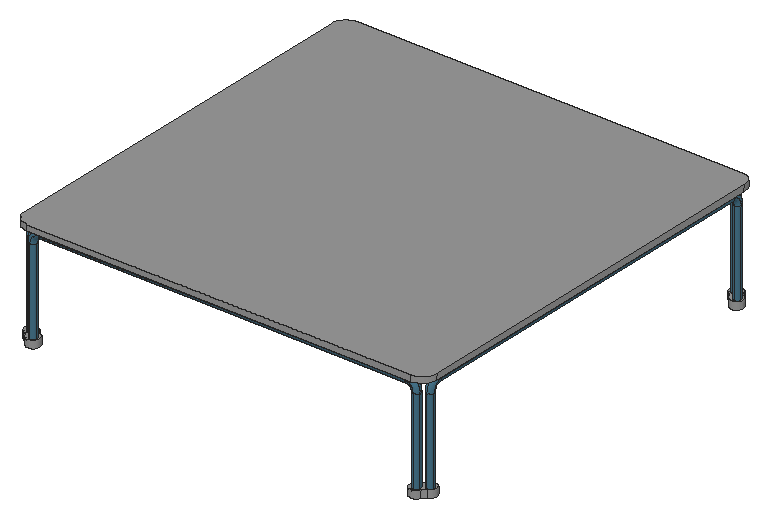
Revit family "FU_Modular_Sandler_Ari 1304-OD", category Furniture, Revit 2020
Family settings
  OmniClass Number = 23.40.20.00
  OmniClass Title = General Furniture and Specialties
  Work Plane-Based = No
  Always vertical = Yes
  Cut with Voids When Loaded = No
  Shared = No
  Room Calculation Point = No
Parameters (values of type "Ari 1304-OD")
  Width = 710 mm
  URL = "https://www.sandlerseating.com/product/ari-1304-OD/"
  Top [instance] = Laminate - Graphite
  Model = "Ari 1304-OD"
  Manufacturer = "Sandler"
  Height = 190 mm
  Frame [instance] = Metal - Paint - Outdoor - Capri Blue
  Description = "This low, square table is part of the Ari range of patio modular seating. It has a laminate top and steel frame, and can serve as a linked or freestanding coffee table for outdoor settings."
  Depth = 710 mm
  Default Elevation = 0 mm
Reference planes
  plane 1 "Center (Front/Back)": y = 0
  plane 2: z = 0
  plane 3 "Center (Left/Right)": x = 0
  plane 4 "Right": x = -355
  plane 5 "Left": x = 355
  plane 6 "Back": y = 355
  plane 7 "Front": y = -355
  plane 8 "Height": z = 190
  plane 9 "Frame height": z = 180
  plane 10 "Frame Right C TOP": x = -343
  plane 11 "Frame Front C TOP": y = -343
  plane 12 "Frame Left C TOP": x = 343
  plane 13 "Feet Right": z = 12
  plane 14 "Frame Back C TOP": y = 343
Forms (mm)
  Sweep 1, solid, material "Metal - Paint - Outdoor - Capri Blue" <- "Frame"
    path origin (-343, 0, 0) x (0, 1, 0) y (0, 0, 1)
      loop
        line (-330.138, 12) -> (-330.138, 158.009)
        arc (-330.138, 158.009) -> (-325.598, 168.969) -> (-314.638, 173.509) r 15.5
        line (-314.638, 173.509) -> (314.638, 173.509)
        arc (314.638, 173.509) -> (325.598, 168.969) -> (330.138, 158.009) r 15.5
        line (330.138, 158.009) -> (330.138, 12)
    profile "Pro_Circles : 13mm" origin (-343, -330.138, 85.004) x (0, -1, 0) y (1, 0, 0)
      loop
        arc (6.467, 0.067) -> (4.592, 4.592) -> (0.067, 6.467) r 6.4
        arc (0.067, 6.467) -> (-4.545, 4.64) -> (-6.467, 0.067) r 6.401
        arc (-6.467, 0.067) -> (-4.593, -4.594) -> (0.067, -6.467) r 6.402
        arc (0.067, -6.467) -> (4.64, -4.545) -> (6.467, 0.067) r 6.401
  Sweep 2, solid, material "Metal - Paint - Outdoor - Capri Blue" <- "Frame"
    path origin (0, -343, 0) x (1, 0, 0) y (0, 0, 1)
      loop
        line (-329.339, 12) -> (-329.339, 158.849)
        arc (-329.339, 158.849) -> (-324.799, 169.809) -> (-313.839, 174.349) r 15.5
        line (-313.839, 174.349) -> (314.278, 174.349)
        arc (314.278, 174.349) -> (325.238, 169.809) -> (329.778, 158.849) r 15.5
        line (329.778, 158.849) -> (329.778, 12)
    profile "Pro_Circles : 13mm" origin (-329.339, -343, 85.425) x (-1, 0, 0) y (0, -1, 0)
      loop
        arc (-6.467, 0.067) -> (-4.64, -4.545) -> (-0.067, -6.467) r 6.401
        arc (-0.067, -6.467) -> (4.593, -4.594) -> (6.467, 0.067) r 6.402
        arc (6.467, 0.067) -> (4.545, 4.64) -> (-0.067, 6.467) r 6.401
        arc (-0.067, 6.467) -> (-4.592, 4.592) -> (-6.467, 0.067) r 6.4
  Extrusion 3, solid, material "Rubber, Black"
    sketch origin (0, 0, 0) x (1, 0, 0) y (0, 1, 0)
      loop
        arc (-333.052, -325.488) -> (-350.954, -322.632) -> (-347.011, -340.326) r 10.957
        arc (-347.011, -340.326) -> (-342.509, -342.765) -> (-339.599, -346.977) r 11
        arc (-339.599, -346.977) -> (-321.636, -350.853) -> (-325.167, -332.822) r 11
        arc (-325.167, -332.822) -> (-330.068, -330.186) -> (-333.052, -325.488) r 11
    from 0 to 12
  Extrusion 4, solid, material "Rubber, Black"
    sketch origin (0, 0, 0) x (-1, 0, 0) y (0, -1, 0)
      loop
        arc (-333.052, 325.488) -> (-330.068, 330.186) -> (-325.167, 332.822) r 11
        arc (-325.167, 332.822) -> (-321.636, 350.853) -> (-339.599, 346.977) r 11
        arc (-339.599, 346.977) -> (-342.509, 342.765) -> (-347.011, 340.326) r 11
        arc (-347.011, 340.326) -> (-350.954, 322.632) -> (-333.052, 325.488) r 10.957
    from 0 to 12
  Extrusion 5, solid, material "Rubber, Black"
    sketch origin (35.925, 49.845, 0) x (0.993563, 0.113279, 0) y (-0.113279, 0.993563, 0)
      loop
        arc (-334.234, 316.232) -> (-331.25, 320.93) -> (-326.349, 323.567) r 11
        arc (-326.349, 323.567) -> (-322.818, 341.597) -> (-340.781, 337.721) r 11
        arc (-340.781, 337.721) -> (-343.691, 333.509) -> (-348.193, 331.071) r 11
        arc (-348.193, 331.071) -> (-352.136, 313.377) -> (-334.234, 316.232) r 10.957
    from 0 to 12
  Sweep 6, solid, material "Metal - Paint - Outdoor - Capri Blue" <- "Frame"
    path origin (343, 0, 0) x (0, 1, 0) y (0, 0, -1)
      loop
        line (-330.138, -12) -> (-330.138, -157.942)
        arc (-330.138, -157.942) -> (-325.598, -168.903) -> (-314.638, -173.442) r 15.5
        line (-314.638, -173.442) -> (314.638, -173.442)
        arc (314.638, -173.442) -> (325.598, -168.903) -> (330.138, -157.942) r 15.5
        line (330.138, -157.942) -> (330.138, -12)
    profile "Pro_Circles : 13mm" origin (343, -330.138, 84.971) x (0, 1, 0) y (-1, 0, 0)
      loop
        arc (-6.467, 0.067) -> (-4.64, -4.545) -> (-0.067, -6.467) r 6.401
        arc (-0.067, -6.467) -> (4.593, -4.594) -> (6.467, 0.067) r 6.402
        arc (6.467, 0.067) -> (4.545, 4.64) -> (-0.067, 6.467) r 6.401
        arc (-0.067, 6.467) -> (-4.592, 4.592) -> (-6.467, 0.067) r 6.4
  Sweep 7, solid, material "Metal - Paint - Outdoor - Capri Blue" <- "Frame"
    path origin (0, 343, 0) x (1, 0, 0) y (0, 0, -1)
      loop
        line (-329.339, -12) -> (-329.339, -158.783)
        arc (-329.339, -158.783) -> (-324.799, -169.743) -> (-313.839, -174.283) r 15.5
        line (-313.839, -174.283) -> (314.278, -174.283)
        arc (314.278, -174.283) -> (325.238, -169.743) -> (329.778, -158.783) r 15.5
        line (329.778, -158.783) -> (329.778, -12)
    profile "Pro_Circles : 13mm" origin (-329.339, 343, 85.391) x (1, 0, 0) y (0, 1, 0)
      loop
        arc (6.467, 0.067) -> (4.592, 4.592) -> (0.067, 6.467) r 6.4
        arc (0.067, 6.467) -> (-4.545, 4.64) -> (-6.467, 0.067) r 6.401
        arc (-6.467, 0.067) -> (-4.593, -4.594) -> (0.067, -6.467) r 6.402
        arc (0.067, -6.467) -> (4.64, -4.545) -> (6.467, 0.067) r 6.401
  Extrusion 8, solid, material "Rubber, Black"
    sketch origin (-35.925, 49.845, 0) x (-0.993563, 0.113279, 0) y (-0.113279, -0.993563, 0)
      loop
        arc (-334.234, -316.232) -> (-352.136, -313.377) -> (-348.193, -331.071) r 10.957
        arc (-348.193, -331.071) -> (-343.691, -333.509) -> (-340.781, -337.721) r 11
        arc (-340.781, -337.721) -> (-322.818, -341.597) -> (-326.349, -323.567) r 11
        arc (-326.349, -323.567) -> (-331.25, -320.93) -> (-334.234, -316.232) r 11
    from 0 to 12
  Extrusion 9, solid, material "Laminate - Graphite" <- "Top"
    sketch origin (0, 0, 180) x (-1, 0, 0) y (0, -1, 0)
      loop
        arc (330, -355) -> (347.678, -347.678) -> (355, -330) r 25
        line (355, -330) -> (355, 330)
        arc (355, 330) -> (347.678, 347.678) -> (330, 355) r 25
        line (330, 355) -> (-330, 355)
        arc (-330, 355) -> (-347.678, 347.678) -> (-355, 330) r 25
        line (-355, 330) -> (-355, -330)
        arc (-355, -330) -> (-347.678, -347.678) -> (-330, -355) r 25
        line (-330, -355) -> (330, -355)
    from 0 to 10
Dimensions and locks
  equal spacing: plane 4 "Right", plane 3 "Center (Left/Right)", plane 5 "Left"
  "Width": plane 4 "Right" to plane 5 "Left"
  equal spacing: plane 6 "Back", plane 1 "Center (Front/Back)", plane 7 "Front"
  "Depth": plane 6 "Back" to plane 7 "Front"
  "Height": plane 8 "Height" to level
  plane 9 "Frame height" to level = 180 mm
  aligned and locked: level to plane 2
Automatic sketch dimensions
  plane 11 "Frame Front C TOP" to Extrusion 3 sketch curve = 0 mm
  Extrusion 3 sketch curve to plane 4 "Right" = 5.144 mm
  plane 10 "Frame Right C TOP" to Extrusion 3 sketch curve = 0.027 mm
  plane 10 "Frame Right C TOP" to Extrusion 3 sketch curve = 13.661 mm
  plane 10 "Frame Right C TOP" to Extrusion 3 sketch curve = 20.423 mm
  plane 7 "Front" to Extrusion 3 sketch curve = 4.048 mm
  Extrusion 3 sketch curve to plane 11 "Frame Front C TOP" = 12.86 mm
  Extrusion 3 sketch curve to plane 11 "Frame Front C TOP" = 20.869 mm
  Extrusion 3 sketch curve to plane 10 "Frame Right C TOP" = 4.011 mm
  plane 10 "Frame Right C TOP" to Extrusion 3 sketch curve = 3.401 mm
  Extrusion 3 sketch curve to Extrusion 3 sketch curve = 0.004 mm
  plane 10 "Frame Right C TOP" to Extrusion 3 sketch curve = 9.948 mm
  Extrusion 3 sketch curve to Extrusion 3 sketch curve = 7.885 mm
  plane 11 "Frame Front C TOP" to Extrusion 3 sketch curve = 3.975 mm
  plane 11 "Frame Front C TOP" to Extrusion 4 sketch curve = 0 mm
  Extrusion 4 sketch curve to plane 5 "Left" = 5.144 mm
  Extrusion 4 sketch curve to plane 12 "Frame Left C TOP" = 0.027 mm
  Extrusion 4 sketch curve to plane 12 "Frame Left C TOP" = 13.661 mm
  Extrusion 4 sketch curve to plane 12 "Frame Left C TOP" = 20.423 mm
  Extrusion 4 sketch curve to plane 7 "Front" = 4.048 mm
  plane 11 "Frame Front C TOP" to Extrusion 4 sketch curve = 12.86 mm
  plane 11 "Frame Front C TOP" to Extrusion 4 sketch curve = 20.869 mm
  plane 12 "Frame Left C TOP" to Extrusion 4 sketch curve = 4.011 mm
  Extrusion 4 sketch curve to plane 12 "Frame Left C TOP" = 3.401 mm
  Extrusion 4 sketch curve to Extrusion 4 sketch curve = 0.004 mm
  Extrusion 4 sketch curve to plane 12 "Frame Left C TOP" = 9.948 mm
  Extrusion 4 sketch curve to Extrusion 4 sketch curve = 7.885 mm
  Extrusion 4 sketch curve to plane 11 "Frame Front C TOP" = 3.975 mm
  plane 4 "Right" to Extrusion 5 sketch curve = 3.439 mm
  plane 6 "Back" to Extrusion 5 sketch curve = 5.423 mm
  Extrusion 5 sketch curve to Extrusion 5 sketch curve = 6.883 mm
  Extrusion 5 sketch curve to Extrusion 5 sketch curve = 13.634 mm
  Extrusion 5 sketch curve to Extrusion 5 sketch curve = 20.396 mm
  Extrusion 5 sketch curve to Extrusion 5 sketch curve = 7.952 mm
  Extrusion 5 sketch curve to Extrusion 5 sketch curve = 12.86 mm
  Extrusion 5 sketch curve to Extrusion 5 sketch curve = 8.009 mm
  Extrusion 5 sketch curve to Extrusion 5 sketch curve = 4.038 mm
  Extrusion 5 sketch curve to Extrusion 5 sketch curve = 7.411 mm
  Extrusion 5 sketch curve to Extrusion 5 sketch curve = 0.004 mm
  Extrusion 5 sketch curve to Extrusion 5 sketch curve = 9.921 mm
  Extrusion 5 sketch curve to Extrusion 5 sketch curve = 7.885 mm
  Extrusion 5 sketch curve to Extrusion 5 sketch curve = 3.975 mm
  plane 5 "Left" to Extrusion 8 sketch curve = 3.439 mm
  Extrusion 8 sketch curve to plane 6 "Back" = 5.423 mm
  Extrusion 8 sketch curve to Extrusion 8 sketch curve = 6.883 mm
  Extrusion 8 sketch curve to Extrusion 8 sketch curve = 13.634 mm
  Extrusion 8 sketch curve to Extrusion 8 sketch curve = 20.396 mm
  Extrusion 8 sketch curve to Extrusion 8 sketch curve = 7.952 mm
  Extrusion 8 sketch curve to Extrusion 8 sketch curve = 12.86 mm
  Extrusion 8 sketch curve to Extrusion 8 sketch curve = 8.009 mm
  Extrusion 8 sketch curve to Extrusion 8 sketch curve = 4.038 mm
  Extrusion 8 sketch curve to Extrusion 8 sketch curve = 7.411 mm
  Extrusion 8 sketch curve to Extrusion 8 sketch curve = 0.004 mm
  Extrusion 8 sketch curve to Extrusion 8 sketch curve = 9.921 mm
  Extrusion 8 sketch curve to Extrusion 8 sketch curve = 7.885 mm
  Extrusion 8 sketch curve to Extrusion 8 sketch curve = 3.975 mm
  Sweep 6 sketch curve to plane 13 "Feet Right" = 0 mm  (x2)
  Sweep 6 sketch curve to plane 11 "Frame Front C TOP" = 12.862 mm
  Sweep 6 sketch curve to Sweep 6 sketch curve = 15.5 mm
  Sweep 6 sketch curve to plane 14 "Frame Back C TOP" = 28.362 mm
  Sweep 6 sketch curve to plane 14 "Frame Back C TOP" = 12.862 mm
  Sweep 1 sketch curve to plane 13 "Feet Right" = 0 mm  (x2)
  Sweep 1 sketch curve to plane 11 "Frame Front C TOP" = 12.862 mm
  Sweep 1 sketch curve to Sweep 1 sketch curve = 15.5 mm
  Sweep 1 sketch curve to plane 14 "Frame Back C TOP" = 28.362 mm
  Sweep 1 sketch curve to plane 14 "Frame Back C TOP" = 12.862 mm
  Sweep 2 sketch curve to plane 13 "Feet Right" = 0 mm  (x2)
  plane 10 "Frame Right C TOP" to Sweep 2 sketch curve = 13.661 mm
  Sweep 2 sketch curve to Sweep 2 sketch curve = 15.5 mm
  plane 12 "Frame Left C TOP" to Sweep 2 sketch curve = 28.722 mm
  plane 12 "Frame Left C TOP" to Sweep 2 sketch curve = 13.222 mm
  Sweep 7 sketch curve to plane 13 "Feet Right" = 0 mm  (x2)
  plane 10 "Frame Right C TOP" to Sweep 7 sketch curve = 13.661 mm
  Sweep 7 sketch curve to Sweep 7 sketch curve = 15.5 mm
  plane 12 "Frame Left C TOP" to Sweep 7 sketch curve = 28.722 mm
  plane 12 "Frame Left C TOP" to Sweep 7 sketch curve = 13.222 mm
  Sweep 1 sketch curve to plane 8 "Height" = 31.991 mm
  Sweep 2 sketch curve to plane 8 "Height" = 31.151 mm
  Sweep 6 sketch curve to plane 8 "Height" = 32.058 mm
  Sweep 7 sketch curve to plane 8 "Height" = 31.217 mm
  Extrusion 9 sketch curve to plane 5 "Left" = 0 mm
  Extrusion 9 sketch curve to plane 7 "Front" = 0 mm
  Extrusion 9 sketch curve to plane 6 "Back" = 0 mm
  Extrusion 9 sketch curve to plane 4 "Right" = 0 mm
  plane 12 "Frame Left C TOP" to Extrusion 9 sketch curve = 13 mm  (x2)
  plane 10 "Frame Right C TOP" to Extrusion 9 sketch curve = 13 mm  (x2)
